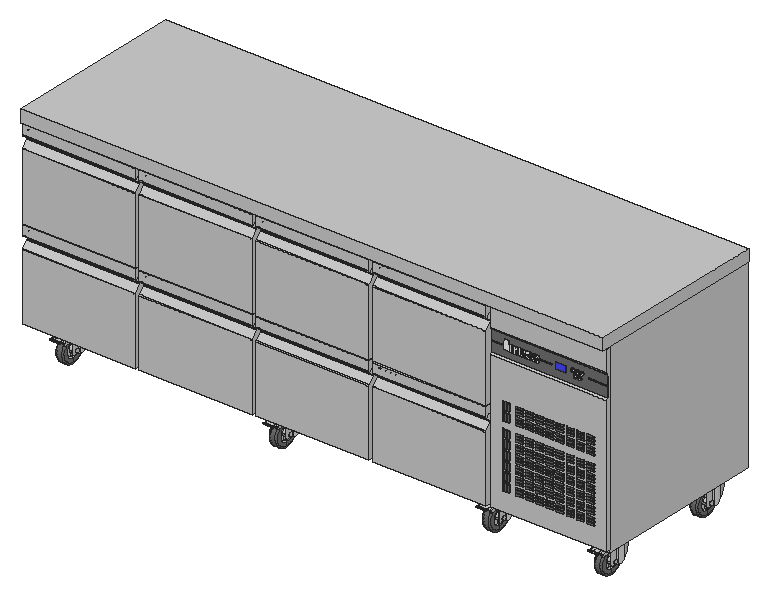
Revit family "QF_INOMAK_PNRP9999_250611031516", category Specialty Equipment, Revit 2021 (continued)
Definition of nested family "QF_INOMAK_REF_COUNTERS_DOORS_DRAWERS_35390"
  Definition of nested family "4_Drawers_1-4"
    Automatic sketch dimensions
      curve 23 to plane 5 "Front" = 0 mm
      curve 24 to plane 5 "Front" = 0 mm
      curve 21 to plane 5 "Front" = 105 mm
      curve 20 to curve 21 = 40 mm
      curve 3 to curve 20 = 100 mm
      curve 3 to curve 3 = 40 mm
      curve 10 to curve 1 = 100 mm
      curve 9 to curve 9 = 40 mm
      curve 15 to curve 8 = 100 mm
      curve 15 to curve 15 = 40 mm
      plane 11 "Right panel" to curve 24 = 30 mm
      curve 8 to curve 17 = 30 mm
      curve 11 to curve 17 = 0 mm
      curve 23 to plane 10 "Left panel" = 30 mm
      curve 12 to curve 6 = 0 mm
      curve 18 to curve 12 = 0 mm
      Extrusion 4 sketch curve to Extrusion 4 sketch curve = 0 mm  (x2)
      plane 19 to Extrusion 4 sketch curve = 0 mm
      Extrusion 4 sketch curve to plane 7 "Front legs" = 0 mm  (x2)
      plane 7 "Front legs" to Extrusion 4 sketch curve = 3 mm
      plane 7 "Front legs" to Extrusion 4 sketch curve = 3.461 mm
      plane 7 "Front legs" to Extrusion 4 sketch curve = 10 mm
      Extrusion 4 sketch curve to Extrusion 4 sketch curve = 7 mm
      plane 7 "Front legs" to Extrusion 4 sketch curve = 20 mm  (x2)
      Extrusion 4 sketch curve to Extrusion 4 sketch curve = 46.156 mm
      Extrusion 4 sketch curve to Extrusion 4 sketch curve = 15 mm
      Extrusion 4 sketch curve to Extrusion 4 sketch curve = 5.012 mm
      Extrusion 7 sketch curve to plane 10 "Left panel" = 0 mm
      Extrusion 7 sketch curve to plane 11 "Right panel" = 0 mm
      Extrusion 7 sketch curve to plane 7 "Front legs" = 0 mm
      Extrusion 7 sketch curve to plane 5 "Front" = 565 mm
      Extrusion 8 sketch curve to plane 10 "Left panel" = 0 mm
      Extrusion 8 sketch curve to plane 11 "Right panel" = 0 mm
      Extrusion 8 sketch curve to plane 7 "Front legs" = 0 mm
      Extrusion 8 sketch curve to plane 5 "Front" = 565 mm
      curve 6 to plane 10 "Left panel" = 30 mm
      curve 5 to curve 24 = 0 mm
  Definition of nested family "Hinged_Doors"
    Parameters (values of type "Hinged doors")
      URL = "www.specifiglobal.com"
      Top inset [instance] = 4 mm
      Right panel thickness [instance] = 35 mm
      Rear inset [instance] = 10 mm
      Plinth height [instance] = 150 mm
      Model = ""
      Manufacturer = "DEMO CONSULTANT"
      Length Actual [instance] = 1200 mm
      Left panel thickness [instance] = 35 mm
      Hinged doors [instance] = Doors drawers type = 3  # yes
      Height Actual [instance] = 900 mm
      Front inset [instance] = 10 mm
      Finish [instance] = none
      Doors drawers type [instance] = 3
      Description = ""
      Depth Actual [instance] = 700 mm
      Default Elevation = 0 mm
      Bottom inset [instance] = 4 mm
      Assembly Code = "E1090320"
    Reference planes
      plane 1 "Back": y = 0
      plane 2: z = 0
      plane 3 "Left": x = 0
      plane 4 "Right": x = 1200
      plane 5 "Front": y = -700
      plane 6 "Top": z = 1050
      plane 7 "Front legs": y = -690
      plane 8 "Legs top": z = 150
      plane 9 "Backsplash thickness": y = -10
      plane 10: x = 35
      plane 11: x = 1165
      plane 12 "Center Left-Right": x = 600
      plane 13: x = 597.5
      plane 14: x = 602.5
      plane 15: z = 154
      plane 16: z = 1046
    Forms (mm)
      Extrusion 1, solid, material <- "Finish", visible <- "Hinged doors"
        sketch origin (35, -2307.849, 4000) x (0, -1, 0) y (0, 0, 1)
          loop
            line (-1627.849, -2954) -> (-1637.849, -2954) -> (-1637.849, -3846) -> (-1617.849, -3846) -> (-1617.849, -3010.156)
            arc (-1617.849, -3010.156) -> (-1618.734, -3004.272) -> (-1621.31, -2998.91) r 20
            line (-1621.31, -2998.91) -> (-1634.849, -2979) -> (-1634.849, -2957) -> (-1627.849, -2957)
            arc (-1627.849, -2957) -> (-1622.899, -2959.05) -> (-1620.849, -2964) r 7
            line (-1620.849, -2964) -> (-1620.849, -2969.012) -> (-1617.849, -2969.012) -> (-1617.849, -2964)
            arc (-1617.849, -2964) -> (-1620.778, -2956.929) -> (-1627.849, -2954) r 10
        from 0 to -562.5
      Extrusion 2, solid, visible <- "Hinged doors", detail levels coarse
        sketch origin (0, -700, 154) x (-1, 0, 0) y (0, 1, 0)
          loop
            line (-35, 10) -> (-597.5, 10)
            arc (-597.5, 10) -> (-432.748, -387.748) -> (-35, -552.5) r 562.5
            line (-35, -552.5) -> (-35, 10)
        from 0 to -892
      Extrusion 3, solid, material <- "Finish", visible <- "Hinged doors"
        sketch origin (1165, -2312.576, 4000) x (0, -1, 0) y (0, 0, 1)
          loop
            line (-1632.576, -2954) -> (-1642.576, -2954) -> (-1642.576, -3846) -> (-1622.576, -3846) -> (-1622.576, -3010.156)
            arc (-1622.576, -3010.156) -> (-1623.46, -3004.272) -> (-1626.037, -2998.91) r 20
            line (-1626.037, -2998.91) -> (-1639.576, -2979) -> (-1639.576, -2957) -> (-1632.576, -2957)
            arc (-1632.576, -2957) -> (-1627.626, -2959.05) -> (-1625.576, -2964) r 7
            line (-1625.576, -2964) -> (-1625.576, -2969.012) -> (-1622.576, -2969.012) -> (-1622.576, -2964)
            arc (-1622.576, -2964) -> (-1625.504, -2956.929) -> (-1632.576, -2954) r 10
        from 0 to 562.5
      Extrusion 4, solid, visible <- "Hinged doors", detail levels coarse
        sketch origin (0, -700, 154) x (-1, 0, 0) y (0, 1, 0)
          loop
            line (-1165, 10) -> (-1165, -552.5)
            arc (-1165, -552.5) -> (-767.252, -387.748) -> (-602.5, 10) r 562.5
            line (-602.5, 10) -> (-1165, 10)
        from 0 to -892
    Lines and regions (mm)
      symbolic lines, visible <- "Hinged doors"
        curve 1: line (35, -700, 150) -> (35, -1252.5, 150)
        curve 2: arc (35, -1252.5, 150) -> (429.196, -1091.268, 150) -> (597.411, -700, 150) r 562.5
        curve 3: arc (602.589, -700, 150) -> (770.804, -1091.268, 150) -> (1165, -1252.5, 150) r 562.5
        curve 4: line (1165, -1252.5, 150) -> (1165, -700, 150)
    Dimensions and locks
      "Length Actual": plane 3 "Left" to plane 4 "Right"
      "Depth Actual": plane 5 "Front" to plane 1 "Back"
      "Height Actual": plane 6 "Top" to plane 8 "Legs top"
      "Front inset": plane 7 "Front legs" to plane 5 "Front"
      "Plinth height": plane 8 "Legs top" to plane 2
      "Rear inset": plane 9 "Backsplash thickness" to plane 1 "Back"
      "Right panel thickness": plane 11 to plane 4 "Right"
      "Left panel thickness": plane 3 "Left" to plane 10
      equal spacing: plane 10, plane 12 "Center Left-Right", plane 11
      plane 13 to plane 12 "Center Left-Right" = 2.5 mm
      plane 12 "Center Left-Right" to plane 14 = 2.5 mm
      "Bottom inset": plane 15 to plane 8 "Legs top"
      "Top inset": plane 16 to plane 6 "Top"
      aligned and locked: level to plane 2
      aligned and locked: Extrusion 1 to plane 13
      aligned and locked: plane 10 to Extrusion 2 sketch curve
      aligned and locked: plane 13 to Extrusion 2 sketch curve
      aligned and locked: plane 7 "Front legs" to Extrusion 2 sketch curve  (x2)
      aligned and locked: plane 14 to Extrusion 3
      aligned and locked: Extrusion 2 to curve 1
      aligned and locked: curve 2 to Extrusion 2
      aligned and locked: curve 3 to Extrusion 4
      aligned and locked: curve 4 to Extrusion 4
      aligned and locked: plane 5 "Front" to curve 1
      aligned and locked: plane 5 "Front" to curve 2
      aligned and locked: plane 5 "Front" to curve 3
      aligned and locked: plane 5 "Front" to curve 4
      aligned and locked: Extrusion 4 to plane 16
      aligned and locked: Extrusion 2 to plane 16
      aligned and locked: Extrusion 1 sketch curve to plane 16
      aligned and locked: Extrusion 1 sketch curve to plane 15
      aligned and locked: Extrusion 3 sketch curve to plane 15
      aligned and locked: Extrusion 3 sketch curve to plane 16
    Automatic sketch dimensions
      Extrusion 1 sketch curve to Extrusion 1 sketch curve = 0 mm  (x2)
      Extrusion 1 sketch curve to plane 7 "Front legs" = 0 mm  (x2)
      plane 7 "Front legs" to Extrusion 1 sketch curve = 3 mm
      plane 7 "Front legs" to Extrusion 1 sketch curve = 3.461 mm
      plane 7 "Front legs" to Extrusion 1 sketch curve = 10 mm
      Extrusion 1 sketch curve to Extrusion 1 sketch curve = 7 mm
      plane 7 "Front legs" to Extrusion 1 sketch curve = 20 mm  (x2)
      Extrusion 1 sketch curve to Extrusion 1 sketch curve = 46.156 mm
      Extrusion 1 sketch curve to Extrusion 1 sketch curve = 15 mm
      Extrusion 1 sketch curve to Extrusion 1 sketch curve = 5.012 mm
      Extrusion 3 sketch curve to Extrusion 3 sketch curve = 0 mm  (x2)
      Extrusion 3 sketch curve to plane 7 "Front legs" = 0 mm  (x2)
      Extrusion 3 sketch curve to Extrusion 3 sketch curve = 3 mm
      plane 7 "Front legs" to Extrusion 3 sketch curve = 3.461 mm
      plane 7 "Front legs" to Extrusion 3 sketch curve = 10 mm
      Extrusion 3 sketch curve to Extrusion 3 sketch curve = 7 mm
      Extrusion 3 sketch curve to Extrusion 3 sketch curve = 16.539 mm
      Extrusion 3 sketch curve to Extrusion 3 sketch curve = 20 mm
      Extrusion 3 sketch curve to Extrusion 3 sketch curve = 46.156 mm
      Extrusion 3 sketch curve to Extrusion 3 sketch curve = 15 mm
      Extrusion 3 sketch curve to Extrusion 3 sketch curve = 5.012 mm
      Extrusion 4 sketch curve to plane 11 = 0 mm
      Extrusion 4 sketch curve to plane 7 "Front legs" = 0 mm
      Extrusion 4 sketch curve to plane 14 = 0 mm
  Definition of nested family "Hopper"
    Parameters (values of type "Hopper")
      URL = "www.specifiglobal.com"
      Top inset [instance] = 4 mm
      Right panel thickness [instance] = 35 mm
      Rear inset [instance] = 10 mm
      Plinth height [instance] = 150 mm
      Model = ""
      Manufacturer = "DEMO CONSULTANT"
      Length Actual [instance] = 700 mm
      Left panel thickness [instance] = 35 mm
      Hopper [instance] = Doors drawers type = 10  # yes
      Height Actual [instance] = 900 mm
      Front inset [instance] = 10 mm
      Finish [instance] = none
      Doors drawers type [instance] = 10
      Description = ""
      Depth Actual [instance] = 700 mm
      Default Elevation = 0 mm
      Bottom inset [instance] = 4 mm
      Assembly Code = "E1090320"
      2 Drawers = yes
    Reference planes
      plane 1 "Back": y = 0
      plane 2: z = 0
      plane 3 "Left": x = 0
      plane 4 "Right": x = 700
      plane 5 "Front": y = -700
      plane 6 "Top": z = 1050
      plane 7 "Front legs": y = -690
      plane 8 "Legs top": z = 150
      plane 9 "Backsplash thickness": y = -10
      plane 10 "Left panel": x = 35
      plane 11 "Right panel": x = 665
      plane 12: z = 1046
      plane 13: z = 154
    Forms (mm)
      Extrusion 1, solid, material <- "Finish", visible <- "Hopper"
        sketch origin (35, 0, 0) x (0, -1, 0) y (0, 0, 1)
          loop
            line (690, 154) -> (690, 960.365)
            arc (690, 960.365) -> (689.866, 961.037) -> (689.485, 961.607) r 1.757
            line (689.485, 961.607) -> (666.663, 984.429)
            arc (666.663, 984.429) -> (665.976, 985.458) -> (665.734, 986.672) r 3.172
            line (665.734, 986.672) -> (665.734, 1013.576)
            arc (665.734, 1013.576) -> (666.433, 1015.262) -> (668.119, 1015.961) r 2.385
            line (668.119, 1015.961) -> (680.029, 1015.961) -> (686.544, 1006.657)
            arc (686.544, 1006.657) -> (688.671, 1005.935) -> (690, 1007.747) r 1.9
            line (690, 1007.747) -> (690, 1046) -> (648, 1046) -> (648, 154) -> (690, 154)
        from 0 to -630
      Extrusion 2, solid, visible <- "Hopper", detail levels coarse
        sketch origin (35, 0, 0) x (0, -1, 0) y (0, 0, 1)
          loop
            line (690, 154) -> (1265, 154) -> (1265, 1046) -> (690, 1046) -> (690, 154)
        from 0 to -630
    Lines and regions (mm)
      symbolic lines, visible <- "Hopper"
        curve 1: line (35, -1225, 900) -> (35, -1265, 900)
        curve 2: line (35, -1265, 900) -> (665, -1265, 900)
        curve 3: line (665, -1265, 900) -> (665, -1225, 900)
        curve 4: line (665, -1225, 900) -> (35, -1225, 900)
        curve 5: line (635, -1225, 900) -> (635, -700, 900)
        curve 6: line (65, -1225, 900) -> (65, -700, 900)
    Dimensions and locks
      "Length Actual": plane 3 "Left" to plane 4 "Right"
      "Depth Actual": plane 5 "Front" to plane 1 "Back"
      "Height Actual": plane 6 "Top" to plane 8 "Legs top"
      "Front inset": plane 7 "Front legs" to plane 5 "Front"
      "Plinth height": plane 8 "Legs top" to plane 2
      "Rear inset": plane 9 "Backsplash thickness" to plane 1 "Back"
      "Right panel thickness": plane 11 "Right panel" to plane 4 "Right"
      "Left panel thickness": plane 3 "Left" to plane 10 "Left panel"
      "Top inset": plane 12 to plane 6 "Top"
      "Bottom inset": plane 13 to plane 8 "Legs top"
      aligned and locked: level to plane 2
      aligned and locked: Extrusion 1 to plane 11 "Right panel"
      aligned and locked: Extrusion 2 to plane 11 "Right panel"
      aligned and locked: plane 10 "Left panel" to Extrusion 2
      aligned and locked: Extrusion 1 sketch curve to plane 12
      aligned and locked: Extrusion 1 sketch curve to Extrusion 2
      aligned and locked: Extrusion 1 sketch curve to plane 13
    Automatic sketch dimensions
      Extrusion 1 sketch curve to Extrusion 1 sketch curve = 17.734 mm
      Extrusion 1 sketch curve to Extrusion 1 sketch curve = 0.929 mm
      Extrusion 1 sketch curve to Extrusion 1 sketch curve = 2.385 mm
      Extrusion 1 sketch curve to Extrusion 1 sketch curve = 3.172 mm
      Extrusion 1 sketch curve to Extrusion 1 sketch curve = 11.91 mm
      Extrusion 1 sketch curve to Extrusion 1 sketch curve = 6.515 mm
      Extrusion 1 sketch curve to Extrusion 1 sketch curve = 1.556 mm
      Extrusion 1 sketch curve to Extrusion 1 sketch curve = 21.58 mm
      Extrusion 1 sketch curve to Extrusion 1 sketch curve = 1.242 mm
      Extrusion 1 sketch curve to Extrusion 1 sketch curve = 1.9 mm
      Extrusion 1 sketch curve to Extrusion 1 sketch curve = 0.515 mm
      Extrusion 1 sketch curve to Extrusion 1 sketch curve = 22.822 mm
      Extrusion 1 sketch curve to Extrusion 1 sketch curve = 19.985 mm
      Extrusion 1 sketch curve to Extrusion 1 sketch curve = 6.919 mm
      Extrusion 1 sketch curve to Extrusion 1 sketch curve = 30.039 mm
      Extrusion 2 sketch curve to plane 7 "Front legs" = 0 mm
      plane 13 to Extrusion 2 sketch curve = 0 mm
      plane 12 to Extrusion 2 sketch curve = 0 mm
      Extrusion 2 sketch curve to plane 5 "Front" = 565 mm
      curve 1 to plane 10 "Left panel" = 0 mm
      curve 2 to plane 11 "Right panel" = 0 mm
      curve 6 to plane 5 "Front" = 0 mm
      curve 5 to plane 5 "Front" = 0 mm
      curve 4 to plane 5 "Front" = 525 mm
      curve 3 to curve 3 = 40 mm
      plane 11 "Right panel" to curve 5 = 30 mm
      curve 6 to plane 10 "Left panel" = 30 mm
Definition of nested family "QF_INOMAK_REF_COUNTERS_WORKTOPS_44861"
  Parameters (values of type "WTWA-1545-700")
    Worktop without backsplash [instance] = Worktop type = 3  # no
    Worktop with backsplash [instance] = Worktop type = 2  # yes
    Worktop type [instance] = 2
    Worktop thickness [instance] = 46 mm
    Without worktop [instance] = or(Worktop type > 3, Worktop type < 2)  # no
    Weight [instance] = 0.00 kg
    Warranty Start Date [instance] = ""
    Warranty Duration [instance] = ""
    URL Cutsheet [instance] = ""
    URL = "www.inomak.com"
    Technical Documentation [instance] = ""
    Tag Number [instance] = ""
    Status [instance] = ""
    Specification by User [instance] = ""
    Specification by Manufacturer [instance] = ""
    Sound Level [instance] = ""
    Solid Fuel Type [instance] = ""
    Show Logo [instance] = yes
    Show Clearances [instance] = yes
    Service Life Duration [instance] = ""
    Serial Number [instance] = ""
    Seismic Rating [instance] = ""
    SMACNA No [instance] = ""
    Revision Code [instance] = ""
    Revision [instance] = ""
    Production Year [instance] = ""
    Point Load [instance] = 0
    Other Equipment Approvals [instance] = ""
    NAFEM Spec ID Number [instance] = ""
    Model Warning [instance] = ""
    Model = "WTWA"
    Masterspec [instance] = ""
    Manufacturer = "INOMAK"
    Length Actual [instance] = 1546 mm
    Item Number [instance] = ""
    Installed By [instance] = ""
    Installation Date [instance] = ""
    Identify Quantity as Lot [instance] = yes
    ID [instance] = ""
    Hygiene Approval [instance] = ""
    Height Actual [instance] = 0 mm
    Height AFF [instance] = 0 mm
    Furnished By [instance] = ""
    Foodservice Equipment Identifier [instance] = yes
    Finish [instance] = none
    ETL Approved [instance] = yes
    Description = "WORKTOP WITH UPSTAND"
    Depth Actual [instance] = 700 mm
    Default Elevation = 0 mm
    CSI MasterFormat [instance] = ""
    CE Approved [instance] = yes
    Barcode [instance] = ""
    Backsplash thickness [instance] = 20 mm
    Backsplash height [instance] = 60 mm
    Author [instance] = ""
    Asset Identifier [instance] = ""
    Assembly Code = "E1090320"
    Accessory [instance] = yes
  Types (40, lengths in mm): name | Worktop without backsplash | Worktop with backsplash | Worktop type | Worktop thickness | Without worktop | Model | Length Actual | Description | Depth Actual
    WTWT-2240-700 | yes | no | 3 | 46 | no | "WTWT" | 2242 | "STANDARD WORKTOP" | 700
    WTWA-2240-700 | no | yes | 2 | 46 | no | "WTWA" | 2242 | "WORKTOP WITH UPSTAND" | 700
    WOWT-2240-700 | no | no | 1 | 46 | yes | "WOWT" | 2242 | "WITHOUT WORKTOP" | 700
    WTWA-1790-700 | no | yes | 2 | 46 | no | "WTWA" | 1792 | "WORKTOP WITH UPSTAND" | 700
    WTWA-1345-700 | no | yes | 2 | 46 | no | "WTWA" | 1342 | "WORKTOP WITH UPSTAND" | 700
    WOWT-1790-700 | no | no | 1 | 46 | yes | "WOWT" | 1792 | "WITHOUT WORKTOP" | 700
    WOWT-1345-700 | no | no | 1 | 46 | yes | "WOWT" | 1342 | "WITHOUT WORKTOP" | 700
    WTWT-1790-700 | yes | no | 3 | 46 | no | "WTWT" | 1792 | "STANDARD WORKTOP" | 700
    WTWT-1345-700 | yes | no | 3 | 46 | no | "WTWT" | 1342 | "STANDARD WORKTOP" | 700
    WTWA-1080-700 | no | yes | 2 | 46 | no | "WTWA" | 1080 | "WORKTOP WITH UPSTAND" | 700
    WTWT-1080-700 | yes | no | 3 | 46 | no | "WTWT" | 1080 | "STANDARD WORKTOP" | 700
    WTWA-1080-700-80 | no | yes | 2 | 80 | no | "WTWA-80" | 1080 | "WORKTOP WITH UPSTAND, 80CM DEEP WORKTOP" | 700
    WTWT-1080-700-80 | yes | no | 3 | 80 | no | "WTWT-80" | 1080 | "WORKTOP WITH 80CM DEEP" | 700
    WOWT-1345-600 | no | no | 1 | 46 | yes | "WOWT" | 1342 | "WITHOUT WORKTOP" | 600
    WOWT-1790-600 | no | no | 1 | 46 | yes | "WOWT" | 1792 | "WITHOUT WORKTOP" | 600
    WOWT-2240-600 | no | no | 1 | 46 | yes | "WOWT" | 2242 | "WITHOUT WORKTOP" | 600
    WTWA-1345-600 | no | yes | 2 | 46 | no | "WTWA" | 1342 | "WORKTOP WITH UPSTAND" | 600
    WTWA-1790-600 | no | yes | 2 | 46 | no | "WTWA" | 1792 | "WORKTOP WITH UPSTAND" | 600
    WTWA-2240-600 | no | yes | 2 | 46 | no | "WTWA" | 2242 | "WORKTOP WITH UPSTAND" | 600
    WTWT-1345-600 | yes | no | 3 | 46 | no | "WTWT" | 1342 | "STANDARD WORKTOP" | 600
    WTWT-1790-600 | yes | no | 3 | 46 | no | "WTWT" | 1792 | "STANDARD WORKTOP" | 600
    WTWT-2240-600 | yes | no | 3 | 46 | no | "WTWT" | 2242 | "STANDARD WORKTOP" | 600
    WOWT-1105-700 | no | no | 1 | 46 | yes | "WOWT" | 1103 | "WITHOUT WORKTOP" | 700
    WTWA-1105-700 | no | yes | 2 | 46 | no | "WTWA" | 1103 | "WORKTOP WITH UPSTAND" | 700
    WTWT-1105-700 | yes | no | 3 | 46 | no | "WTWT" | 1103 | "STANDARD WORKTOP" | 700
    WOWT-1545-700 | no | no | 1 | 46 | yes | "WOWT" | 1546 | "WITHOUT WORKTOP" | 700
    WOWT-1995-700 | no | no | 1 | 46 | yes | "WOWT" | 1996 | "WITHOUT WORKTOP" | 700
    WTWA-1545-700 | no | yes | 2 | 46 | no | "WTWA" | 1546 | "WORKTOP WITH UPSTAND" | 700
    WTWA-1995-700 | no | yes | 2 | 46 | no | "WTWA" | 1996 | "WORKTOP WITH UPSTAND" | 700
    WTWT-1545-700 | yes | no | 3 | 46 | no | "WTWT" | 1546 | "STANDARD WORKTOP" | 700
    WTWT-1995-700 | yes | no | 3 | 46 | no | "WTWT" | 1996 | "STANDARD WORKTOP" | 700
    WTWA-1105-600 | no | yes | 2 | 46 | no | "WTWA" | 1103 | "WORKTOP WITH UPSTAND" | 600
    WTWT-1105-600 | yes | no | 3 | 46 | no | "WTWT" | 1103 | "STANDARD WORKTOP" | 600
    WOWT-1105-600 | no | no | 1 | 46 | yes | "WOWT" | 1103 | "WITHOUT WORKTOP" | 600
    WOWT-1545-600 | no | no | 1 | 46 | yes | "WOWT" | 1546 | "WITHOUT WORKTOP" | 600
    WTWA-1545-600 | no | yes | 2 | 46 | no | "WTWA" | 1546 | "WORKTOP WITH UPSTAND" | 600
    WTWT-1545-600 | yes | no | 3 | 46 | no | "WTWT" | 1546 | "STANDARD WORKTOP" | 600
    WTWT-1995-600 | yes | no | 3 | 46 | no | "WTWT" | 1996 | "STANDARD WORKTOP" | 600
    WTWA-1995-600 | no | yes | 2 | 46 | no | "WTWA" | 1996 | "WORKTOP WITH UPSTAND" | 600
    WOWT-1995-600 | no | no | 1 | 46 | yes | "WOWT" | 1996 | "WITHOUT WORKTOP" | 600
  Reference planes
    plane 1 "Back": y = 0
    plane 2: z = 0
    plane 3 "Left": x = 0
    plane 4 "Right": x = 1546
    plane 5 "Front": y = -700
    plane 6 "Top": z = 46
    plane 7 "Backsplash thickness": y = -20
    plane 8 "Worktop bottom": z = 0
    plane 9 "Upright height": z = 106
    plane 10 "Center Left Right": x = 773
  Lines and regions (mm)
    reference lines
      curve 1: line (773, 0, 106) -> (773, -20, 106)
      curve 2: line (0, -700, 46) -> (1546, -700, 46)
      curve 3: line (1546, -700, 46) -> (1546, 0, 46)
      curve 4: line (0, -700, 46) -> (0, 0, 46)
      curve 5: line (0, 0, 46) -> (1546, 0, 46)
      curve 6: line (773, 0, 0) -> (773, -700, 0)
  Dimensions and locks
    "Length Actual": plane 3 "Left" to plane 4 "Right"
    "Depth Actual": plane 5 "Front" to plane 1 "Back"
    "Backsplash thickness": plane 7 "Backsplash thickness" to plane 1 "Back"
    "Worktop thickness": plane 6 "Top" to plane 8 "Worktop bottom"
    "Backsplash height": plane 9 "Upright height" to plane 6 "Top"
    "Backsplash height": curve 1 to plane 6 "Top"
    "Depth Actual": curve 2 to plane 1 "Back"
    "Length Actual": plane 3 "Left" to curve 3
    "Length Actual": curve 4 to plane 4 "Right"
    "Depth Actual": curve 5 to plane 5 "Front"
    equal spacing: plane 3 "Left", plane 10 "Center Left Right", plane 4 "Right"
    "Height AFF": plane 8 "Worktop bottom" to plane 2
    "Height AFF": curve 6 to plane 2
    aligned and locked: level to plane 2
    aligned and locked: plane 3 "Left" to nested 1
    aligned and locked: plane 1 "Back" to nested 1
  Automatic sketch dimensions
    curve 6 to plane 1 "Back" = 0 mm
    curve 1 to plane 1 "Back" = 0 mm
    curve 1 to plane 7 "Backsplash thickness" = 0 mm
    curve 6 to plane 5 "Front" = 0 mm
  Nested families
    nested 1: "Worktop" at (0, 0, 0), Length Actual <- "Length Actual", Depth Actual <- "Depth Actual", Height AFF <- "Height AFF", Worktop thickness <- "Worktop thickness", Backsplash thickness <- "Backsplash thickness", Backsplash height <- "Backsplash height", type "without backsplash"
      with Worktop thickness 46 mm, Length Actual 1546 mm, Height AFF 0 mm, Depth Actual 700 mm, Backsplash thickness 20 mm, Backsplash height 60 mm, Worktop without backsplash no, Worktop with backsplash yes
  Definition of nested family "Worktop"
    Parameters (values of type "with backsplash")
      Worktop without backsplash = no
      Worktop with backsplash = yes
      Worktop thickness [instance] = 40 mm
      Without worktop = no
      URL = ""
      Model = ""
      Manufacturer = ""
      Length Actual [instance] = 1200 mm
      Height AFF [instance] = 860 mm
      Finish = none
      Description = "TABLE WITH BACKSPLASH"
      Depth Actual [instance] = 700 mm
      Default Elevation = 0 mm
      Backsplash thickness [instance] = 20 mm
      Backsplash height [instance] = 100 mm
      Assembly Code = "E1090320"
    Types (3, lengths in mm): name | Worktop without backsplash | Worktop with backsplash | Without worktop
      with backsplash | no | yes | no
      without backsplash | yes | no | no
      without worktop | no | no | yes
    Reference planes
      plane 1 "Back": y = 0
      plane 2: z = 0
      plane 3 "Left": x = 0
      plane 4 "Right": x = 1200
      plane 5 "Front": y = -700
      plane 6 "Top": z = 900
      plane 7 "Backsplash thickness": y = -20
      plane 8 "Worktop bottom": z = 860
      plane 9 "Upright height": z = 1000
      plane 10 "Center Left Right": x = 600
    Forms (mm)
      Extrusion 1, solid, material <- "Finish", visible <- "Worktop with backsplash"
        sketch origin (0, 0, 0) x (0, 1, 0) y (0, 0, 1)
          loop
            line (0, 1000) -> (-20, 1000) -> (-20, 900) -> (-700, 900) -> (-700, 860) -> (0, 860) -> (0, 1000)
        from 0 to 1200
      Extrusion 2, solid, material <- "Finish", visible <- "Worktop without backsplash"
        sketch origin (0, 0, 0) x (0, 1, 0) y (0, 0, 1)
          loop
            line (0, 860) -> (0, 900) -> (-700, 900) -> (-700, 860) -> (0, 860)
        from 0 to 1200
    Lines and regions (mm)
      Masking region 1, visible <- "Worktop with backsplash"
        outline origin (0, 0, 900) x (0, 1, 0) y (-1, 0, 0)
          loop
            line (0, 0) -> (-700, 0) -> (-700, -1200) -> (0, -1200) -> (0, 0)
      Masking region 2, visible <- "Worktop without backsplash"
        outline origin (0, 0, 900) x (0, 1, 0) y (-1, 0, 0)
          loop
            line (0, 0) -> (-700, 0) -> (-700, -1200) -> (0, -1200) -> (0, 0)
      symbolic lines, visible <- "Worktop with backsplash"
        curve 1: line (0, 0, 0) -> (1200, 0, 0)
        curve 2: line (1200, 0, 0) -> (1200, -700, 0)
        curve 3: line (1200, -700, 0) -> (0, -700, 0)
        curve 4: line (0, -700, 0) -> (0, 0, 0)
        curve 5: line (0, -20, 0) -> (1200, -20, 0)
      symbolic lines, visible <- "Worktop without backsplash"
        curve 6: line (0, 0, 0) -> (1200, 0, 0)
        curve 7: line (1200, 0, 0) -> (1200, -700, 0)
        curve 8: line (1200, -700, 0) -> (0, -700, 0)
        curve 9: line (0, -700, 0) -> (0, 0, 0)
      symbolic lines, visible <- "Without worktop"
        curve 10: line (0, 0, 0) -> (1200, 0, 0)
        curve 11: line (1200, 0, 0) -> (1200, -700, 0)
        curve 12: line (1200, -700, 0) -> (0, -700, 0)
        curve 13: line (0, -700, 0) -> (0, 0, 0)
      reference lines
        curve 14: line (600, 0, 1000) -> (600, -20, 1000)
        curve 15: line (0, -700, 900) -> (1200, -700, 900)
        curve 16: line (1200, -700, 900) -> (1200, 0, 900)
        curve 17: line (0, -700, 900) -> (0, 0, 900)
        curve 18: line (0, 0, 900) -> (1200, 0, 900)
        curve 19: line (600, 0, 860) -> (600, -700, 860)
    Dimensions and locks
      "Length Actual": plane 3 "Left" to plane 4 "Right"
      "Depth Actual": plane 5 "Front" to plane 1 "Back"
      "Backsplash thickness": plane 7 "Backsplash thickness" to plane 1 "Back"
      "Worktop thickness": plane 6 "Top" to plane 8 "Worktop bottom"
      "Backsplash height": plane 9 "Upright height" to plane 6 "Top"
      "Backsplash height": curve 14 to plane 6 "Top"
      "Depth Actual": curve 15 to plane 1 "Back"
      "Length Actual": plane 3 "Left" to curve 16
      "Length Actual": curve 17 to plane 4 "Right"
      "Depth Actual": curve 18 to plane 5 "Front"
      equal spacing: plane 3 "Left", plane 10 "Center Left Right", plane 4 "Right"
      "Height AFF": plane 8 "Worktop bottom" to plane 2
      "Height AFF": curve 19 to plane 2
      aligned and locked: level to plane 2
      aligned and locked: Extrusion 1 to plane 4 "Right"
      aligned and locked: Extrusion 1 sketch curve to plane 7 "Backsplash thickness"
      aligned and locked: curve 5 to plane 7 "Backsplash thickness"
      aligned and locked: Extrusion 1 sketch curve to plane 8 "Worktop bottom"
      aligned and locked: plane 9 "Upright height" to Extrusion 1 sketch curve
      aligned and locked: plane 6 "Top" to Extrusion 1 sketch curve
      aligned and locked: plane 6 "Top" to Extrusion 2 sketch curve
      aligned and locked: Extrusion 2 sketch curve to plane 1 "Back"
      aligned and locked: Extrusion 2 sketch curve to plane 8 "Worktop bottom"
      aligned and locked: Extrusion 2 sketch curve to plane 5 "Front"
      aligned and locked: Extrusion 2 to plane 4 "Right"
      aligned and locked: Masking region 1 sketch curve to Extrusion 1  (x4)
      aligned and locked: Masking region 2 sketch curve to Extrusion 1  (x4)
    Automatic sketch dimensions
      plane 1 "Back" to curve 1 = 0 mm
      curve 13 to plane 3 "Left" = 0 mm
      curve 7 to plane 4 "Right" = 0 mm
      curve 13 to plane 5 "Front" = 0 mm
      Extrusion 1 sketch curve to plane 1 "Back" = 0 mm
      Extrusion 1 sketch curve to plane 5 "Front" = 0 mm
      curve 19 to plane 1 "Back" = 0 mm
      curve 14 to plane 1 "Back" = 0 mm
      curve 14 to plane 7 "Backsplash thickness" = 0 mm
      curve 19 to plane 5 "Front" = 0 mm
      curve 16 to plane 5 "Front" = 0 mm
      curve 17 to plane 5 "Front" = 0 mm
      plane 1 "Back" to curve 17 = 0 mm
      plane 1 "Back" to curve 16 = 0 mm
      curve 15 to plane 4 "Right" = 0 mm
      curve 18 to plane 4 "Right" = 0 mm
      curve 18 to plane 3 "Left" = 0 mm
      curve 15 to plane 3 "Left" = 0 mm
Definition of nested family "QF_INOMAK_REF_COUNTERS_CASTORS_46688"
  Parameters (values of type "CT-2240-600")
    Weight [instance] = 0.00 kg
    Warranty Start Date [instance] = ""
    Warranty Duration [instance] = ""
    URL Cutsheet [instance] = ""
    URL = "www.inomak.com"
    Technical Documentation [instance] = ""
    Tag Number [instance] = ""
    Status [instance] = ""
    Specification by User [instance] = ""
    Specification by Manufacturer [instance] = ""
    Sound Level [instance] = ""
    Solid Fuel Type [instance] = ""
    Show Logo [instance] = yes
    Show Clearances [instance] = yes
    Service Life Duration [instance] = ""
    Serial Number [instance] = ""
    Seismic Rating [instance] = ""
    SMACNA No [instance] = ""
    Right offset = 70 mm
    Revision Code [instance] = ""
    Revision [instance] = ""
    Rear offset = 90 mm
    Production Year [instance] = ""
    Point Load [instance] = 0
    Other Equipment Approvals [instance] = ""
    NAFEM Spec ID Number [instance] = ""
    Model Warning [instance] = ""
    Model = "CT"
    Masterspec [instance] = ""
    Manufacturer = "INOMAK"
    Length Actual [instance] = 0 mm
    Length = 2242 mm
    Left offset = 100 mm
    Item Number [instance] = ""
    Installed By [instance] = ""
    Installation Date [instance] = ""
    Identify Quantity as Lot [instance] = yes
    ID [instance] = ""
    Hygiene Approval [instance] = ""
    Height Actual [instance] = 0 mm
    Height = 130 mm
    Furnished By [instance] = ""
    Front offset = 150 mm
    Foodservice Equipment Identifier [instance] = yes
    ETL Approved [instance] = yes
    Description = "WHEELS"
    Depth Actual [instance] = 0 mm
    Depth = 600 mm
    Default Elevation = 0 mm
    CentralLegs = if(Length > 2000 mm, 2 > 1, 2 < 1)  # yes
    CSI MasterFormat [instance] = ""
    CE Approved [instance] = yes
    Barcode [instance] = ""
    Author [instance] = ""
    Asset Identifier [instance] = ""
    Assembly Code = "E1090320"
    Accessory [instance] = yes
  Types (6, lengths in mm): name | Length | Depth | CentralLegs
    CT-2240-700 | 2242 | 700 | yes
    CT-1790-700 | 1792 | 700 | no
    CT-1345-700 | 1342 | 700 | no
    CT-1345-600 | 1342 | 600 | no
    CT-1790-600 | 1792 | 600 | no
    CT-2240-600 | 2242 | 600 | yes
  Reference planes
    plane 1 "Back": y = 0
    plane 2: z = 0
    plane 3 "Left": x = 0
    plane 4 "Right": x = 2242
    plane 5 "Front": y = -600
    plane 6 "Top": z = 130
    plane 7 "Left offset": x = 100
    plane 8 "Right offset": x = 2172
    plane 9 "Rear offset": y = -90
    plane 10 "Front offset": y = -450
    plane 11 "Central": x = 921
    plane 12: x = 1742
  Dimensions and locks
    "Length": plane 3 "Left" to plane 4 "Right"
    "Depth": plane 5 "Front" to plane 1 "Back"
    "Left offset": plane 3 "Left" to plane 7 "Left offset"
    "Right offset": plane 8 "Right offset" to plane 4 "Right"
    "Rear offset": plane 9 "Rear offset" to plane 1 "Back"
    "Front offset": plane 10 "Front offset" to plane 5 "Front"
    equal spacing: plane 7 "Left offset", plane 11 "Central", plane 12
    locked: plane 12 to plane 8 "Right offset" at 430
    plane 6 "Top" to level = 130 mm
    aligned and locked: level to plane 2
    aligned and locked: nested 1 to plane 7 "Left offset"
    aligned and locked: nested 1 to plane 10 "Front offset"
    aligned and locked: nested 2 to plane 11 "Central"
    aligned and locked: nested 2 to plane 10 "Front offset"
    aligned and locked: nested 3 to plane 12
    aligned and locked: nested 3 to plane 10 "Front offset"
    aligned and locked: nested 4 to plane 8 "Right offset"
    aligned and locked: nested 4 to plane 10 "Front offset"
    aligned and locked: nested 5 to plane 7 "Left offset"
    aligned and locked: nested 5 to plane 9 "Rear offset"
    aligned and locked: nested 6 to plane 12
    aligned and locked: nested 6 to plane 9 "Rear offset"
    aligned and locked: nested 7 to plane 8 "Right offset"
    aligned and locked: nested 7 to plane 9 "Rear offset"
  Nested families
    nested 1: "QF_INOMAK_CASTOR_BRAKES" at (100, -450, 0), type "QF_INOMAK_CASTOR_BRAKES"
    nested 2: "QF_INOMAK_CASTOR_BRAKES" at (921, -450, 0), visible <- "CentralLegs", type "QF_INOMAK_CASTOR_BRAKES"
    nested 3: "QF_INOMAK_CASTOR_BRAKES" at (1742, -450, 0), type "QF_INOMAK_CASTOR_BRAKES"
    nested 4: "QF_INOMAK_CASTOR_BRAKES" at (2172, -450, 0), type "QF_INOMAK_CASTOR_BRAKES"
    nested 5: "QF_INOMAK_CASTOR" at (100, -90, 0), type "QF_INOMAK_CASTOR"
    nested 6: "QF_INOMAK_CASTOR" at (1742, -90, 0), type "QF_INOMAK_CASTOR"
    nested 7: "QF_INOMAK_CASTOR" at (2172, -90, 0), type "QF_INOMAK_CASTOR"
  Definition of nested family "QF_INOMAK_CASTOR_BRAKES"
    Parameters (values of type "QF_INOMAK_CASTOR_BRAKES")
      Default Elevation = 0 mm
    Reference planes
      plane 1 "Center (Front/Back)": y = 0
      plane 2: z = 0
      plane 3 "Center (Left/Right)": x = 0
    Forms (mm)
      Extrusion 1, solid
        sketch origin (-55, 171.5, 124.5) x (1, 0, 0) y (0, 1, 0)
          loop
            line (12.5, -214) -> (97.5, -214)
            arc (97.5, -214) -> (104.571, -211.071) -> (107.5, -204) r 10
            line (107.5, -204) -> (107.5, -139)
            arc (107.5, -139) -> (104.571, -131.929) -> (97.5, -129) r 10
            line (97.5, -129) -> (12.5, -129)
            arc (12.5, -129) -> (5.429, -131.929) -> (2.5, -139) r 10
            line (2.5, -139) -> (2.5, -204)
            arc (2.5, -204) -> (5.429, -211.071) -> (12.5, -214) r 10
        from 0 to 5.5
      Extrusion 2, solid
        sketch origin (-55, 146, 24.5) x (1, 0, 0) y (0, 1, 0)
          loop
            circle (55, -146) r 36
          loop
            circle (55, -146) r 34
        from 12 to 100
      Extrusion 3, void
        sketch origin (-37.5, 146, -28.526) x (0, 1, 0) y (0, 0, 1)
          loop
            line (-105, 63.026) -> (-105, 139.692) -> (-158.75, 68.026)
            arc (-158.75, 68.026) -> (-160.956, 66.036) -> (-163.75, 65.026) r 7.727
            line (-163.75, 65.026) -> (-175, 65.026) -> (-175, 136.026) -> (-182, 136.026) -> (-182, 63.026) -> (-105, 63.026)
        from 0 to 75
      Revolve 4, solid
        sketch origin (0, -37.5, -3.552) x (1, 0, 0) y (0, 0, 1)
          loop
            arc (10, 3.552) -> (13.536, 5.016) -> (15, 8.552) r 5
            line (15, 8.552) -> (15, 22.052) -> (-15, 22.052) -> (-15, 8.552)
            arc (-15, 8.552) -> (-13.536, 5.016) -> (-10, 3.552) r 5
            line (-10, 3.552) -> (10, 3.552)
          axis (-15, 53.552) -> (15, 53.552)
        angle from 0 to 360
      Extrusion 5, solid
        sketch origin (-21.466, 171.5, -31.526) x (0, 1, 0) y (0, 0, 1)
          loop
            line (-200.5, 68.026) -> (-200.5, 139.026) -> (-222.5, 139.026) -> (-267.507, 126.05)
            arc (-267.507, 126.05) -> (-264.51, 121.7) -> (-259.5, 120.026) r 8.333
            line (-259.5, 120.026) -> (-224.5, 120.026) -> (-224.5, 76.026)
            arc (-224.5, 76.026) -> (-222.157, 70.369) -> (-216.5, 68.026) r 8
            line (-216.5, 68.026) -> (-200.5, 68.026)
        from -3.534 to -1.534
      Extrusion 6, solid
        sketch origin (-34, 171.5, -14) x (0, 1, 0) y (0, 0, 1)
          loop
            circle (-209, 64) r 12.5
        from 11 to 57
      Revolve 7, solid
        sketch origin (-55, -37.5, -3.552) x (1, 0, 0) y (0, 0, 1)
          loop
            arc (65, 22.052) -> (61.464, 23.516) -> (60, 27.052) r 5
            line (60, 27.052) -> (60, 53.526) -> (50, 53.526) -> (50, 27.052)
            arc (50, 27.052) -> (48.536, 23.516) -> (45, 22.052) r 5
            line (45, 22.052) -> (65, 22.052)
          axis (45, 53.526) -> (65, 53.526)
        angle from 0 to 360
      Extrusion 8, solid
        sketch origin (21.466, 171.5, -31.526) x (0, 1, 0) y (0, 0, -1)
          loop
            line (-200.5, -68.026) -> (-216.5, -68.026)
            arc (-216.5, -68.026) -> (-222.157, -70.369) -> (-224.5, -76.026) r 8
            line (-224.5, -76.026) -> (-224.5, -120.026) -> (-259.5, -120.026)
            arc (-259.5, -120.026) -> (-264.51, -121.7) -> (-267.507, -126.05) r 8.333
            line (-267.507, -126.05) -> (-222.5, -139.026) -> (-200.5, -139.026) -> (-200.5, -68.026)
        from -3.534 to -1.534
      Extrusion 9, solid
        sketch origin (250, -359.196, -27.974) x (1, 0, 0) y (0, 1, 0)
          loop
            line (-275, 330.196) -> (-273, 330.196)
            arc (-273, 330.196) -> (-273.274, 332.754) -> (-274.083, 335.196) r 12.082
            line (-274.083, 335.196) -> (-276.833, 335.196)
            arc (-276.833, 335.196) -> (-275.473, 332.858) -> (-275, 330.196) r 7.737
        from 64.474 to 135.474
      Extrusion 10, solid
        sketch origin (-250, -359.196, -27.974) x (-1, 0, 0) y (0, -1, 0)
          loop
            arc (-275, -330.196) -> (-275.473, -332.858) -> (-276.833, -335.196) r 7.737
            line (-276.833, -335.196) -> (-274.083, -335.196)
            arc (-274.083, -335.196) -> (-273.274, -332.754) -> (-273, -330.196) r 12.082
            line (-273, -330.196) -> (-275, -330.196)
        from 64.474 to 135.474
      Sweep 11, solid
        path origin (0, -359.196, -27.974) x (0, 1, 0) y (0, 0, 1)
          loop
            line (338.196, 135.474) -> (308.196, 135.474) -> (263.189, 122.499)
        profile origin (0, -36, 107.5) x (0, 0, -1) y (1, 0, 0)
          loop
            arc (-4, -21) -> (-2.828, -23.828) -> (0, -25) r 4
            line (0, -25) -> (0, -23)
            arc (0, -23) -> (-1.414, -22.414) -> (-2, -21) r 2
            line (-2, -21) -> (-2, 21)
            arc (-2, 21) -> (-1.414, 22.414) -> (0, 23) r 2
            line (0, 23) -> (0, 25)
            arc (0, 25) -> (-2.828, 23.828) -> (-4, 21) r 4
            line (-4, 21) -> (-4, -21)
      Extrusion 12, solid
        sketch origin (-15, -620.032, 471.611) x (1, 0, 0) y (0, 0.809942, -0.58651)
          loop
            line (0, 640.696) -> (0, 622.696) -> (6, 617.696) -> (24, 617.696) -> (30, 622.696) -> (30, 640.696) -> (0, 640.696)
        from 0 to 2
      Extrusion 13, solid
        sketch origin (-10, -688.801, 95.837) x (0, 1, 0) y (0, 0, 1)
          loop
            line (587.696, 0) -> (592.196, -3.259)
            arc (592.196, -3.259) -> (593.446, -3.664) -> (594.696, -3.259) r 2.131
            line (594.696, -3.259) -> (604.172, 4.031) -> (598.943, 2.532) -> (594.631, -0.785)
            arc (594.631, -0.785) -> (593.44, -1.2) -> (592.238, -0.82) r 2
            line (592.238, -0.82) -> (588.869, 1.62) -> (587.696, 0)
        from 0 to 20
      Extrusion 14, solid
        sketch origin (-31, -958.08, 50) x (0, 1, 0) y (0, 0, 1)
          loop
            line (924.33, -6.495) -> (928.08, 0) -> (924.33, 6.495) -> (916.83, 6.495) -> (913.08, 0) -> (916.83, -6.495) -> (924.33, -6.495)
        from 0 to 62
    Cuts and joins
      Extrusion 3 cuts Extrusion 2
      Extrusion 3 cuts Extrusion 9
      Extrusion 3 cuts Extrusion 10
    Dimensions and locks
      aligned and locked: level to plane 2
  Definition of nested family "QF_INOMAK_CASTOR"
    Parameters (values of type "QF_INOMAK_CASTOR")
      Default Elevation = 0 mm
    Reference planes
      plane 1 "Center (Front/Back)": y = 0
      plane 2: z = 0
      plane 3 "Center (Left/Right)": x = 0
    Forms (mm)
      Extrusion 1, solid
        sketch origin (-55, 171.5, 124.5) x (1, 0, 0) y (0, 1, 0)
          loop
            line (12.5, -214) -> (97.5, -214)
            arc (97.5, -214) -> (104.571, -211.071) -> (107.5, -204) r 10
            line (107.5, -204) -> (107.5, -139)
            arc (107.5, -139) -> (104.571, -131.929) -> (97.5, -129) r 10
            line (97.5, -129) -> (12.5, -129)
            arc (12.5, -129) -> (5.429, -131.929) -> (2.5, -139) r 10
            line (2.5, -139) -> (2.5, -204)
            arc (2.5, -204) -> (5.429, -211.071) -> (12.5, -214) r 10
        from 0 to 5.5
      Extrusion 2, solid
        sketch origin (-55, 146, 24.5) x (1, 0, 0) y (0, 1, 0)
          loop
            circle (55, -146) r 36
          loop
            circle (55, -146) r 34
        from 12 to 100
      Extrusion 3, void
        sketch origin (-37.5, 146, -28.526) x (0, 1, 0) y (0, 0, 1)
          loop
            line (-105, 63.026) -> (-105, 139.692) -> (-158.75, 68.026)
            arc (-158.75, 68.026) -> (-160.956, 66.036) -> (-163.75, 65.026) r 7.727
            line (-163.75, 65.026) -> (-175, 65.026) -> (-175, 136.026) -> (-182, 136.026) -> (-182, 63.026) -> (-105, 63.026)
        from 0 to 75
      Revolve 4, solid
        sketch origin (0, -37.5, -3.552) x (1, 0, 0) y (0, 0, 1)
          loop
            arc (10, 3.552) -> (13.536, 5.016) -> (15, 8.552) r 5
            line (15, 8.552) -> (15, 22.052) -> (-15, 22.052) -> (-15, 8.552)
            arc (-15, 8.552) -> (-13.536, 5.016) -> (-10, 3.552) r 5
            line (-10, 3.552) -> (10, 3.552)
          axis (-15, 53.552) -> (15, 53.552)
        angle from 0 to 360
      Extrusion 5, solid
        sketch origin (-21.466, 171.5, -31.526) x (0, 1, 0) y (0, 0, 1)
          loop
            line (-200.5, 68.026) -> (-200.5, 139.026) -> (-224.5, 139.026) -> (-224.5, 76.026)
            arc (-224.5, 76.026) -> (-222.157, 70.369) -> (-216.5, 68.026) r 8
            line (-216.5, 68.026) -> (-200.5, 68.026)
        from -3.534 to -1.534
      Extrusion 6, solid
        sketch origin (-34, 171.5, -14) x (0, 1, 0) y (0, 0, 1)
          loop
            circle (-209, 64) r 12.5
        from 11 to 57
      Revolve 7, solid
        sketch origin (-55, -37.5, -3.552) x (1, 0, 0) y (0, 0, 1)
          loop
            arc (65, 22.052) -> (61.464, 23.516) -> (60, 27.052) r 5
            line (60, 27.052) -> (60, 53.526) -> (50, 53.526) -> (50, 27.052)
            arc (50, 27.052) -> (48.536, 23.516) -> (45, 22.052) r 5
            line (45, 22.052) -> (65, 22.052)
          axis (45, 53.526) -> (65, 53.526)
        angle from 0 to 360
      Extrusion 8, solid
        sketch origin (21.466, 171.5, -31.526) x (0, 1, 0) y (0, 0, -1)
          loop
            line (-200.5, -68.026) -> (-216.5, -68.026)
            arc (-216.5, -68.026) -> (-222.157, -70.369) -> (-224.5, -76.026) r 8
            line (-224.5, -76.026) -> (-224.5, -139.026) -> (-200.5, -139.026) -> (-200.5, -68.026)
        from -3.534 to -1.534
      Extrusion 9, solid
        sketch origin (250, -359.196, -27.974) x (1, 0, 0) y (0, 1, 0)
          loop
            line (-275, 330.196) -> (-273, 330.196)
            arc (-273, 330.196) -> (-273.274, 332.754) -> (-274.083, 335.196) r 12.082
            line (-274.083, 335.196) -> (-276.833, 335.196)
            arc (-276.833, 335.196) -> (-275.473, 332.858) -> (-275, 330.196) r 7.737
        from 64.474 to 135.474
      Extrusion 10, solid
        sketch origin (-250, -359.196, -27.974) x (-1, 0, 0) y (0, -1, 0)
          loop
            arc (-275, -330.196) -> (-275.473, -332.858) -> (-276.833, -335.196) r 7.737
            line (-276.833, -335.196) -> (-274.083, -335.196)
            arc (-274.083, -335.196) -> (-273.274, -332.754) -> (-273, -330.196) r 12.082
            line (-273, -330.196) -> (-275, -330.196)
        from 64.474 to 135.474
      Sweep 11, solid
        path origin (0, -359.196, -27.974) x (0, 1, 0) y (0, 0, 1)
          loop
            line (338.196, 135.474) -> (306.196, 135.474)
        profile origin (0, -37, 107.5) x (0, 0, -1) y (1, 0, 0)
          loop
            arc (-4, -21) -> (-2.828, -23.828) -> (0, -25) r 4
            line (0, -25) -> (0, -23)
            arc (0, -23) -> (-1.414, -22.414) -> (-2, -21) r 2
            line (-2, -21) -> (-2, 21)
            arc (-2, 21) -> (-1.414, 22.414) -> (0, 23) r 2
            line (0, 23) -> (0, 25)
            arc (0, 25) -> (-2.828, 23.828) -> (-4, 21) r 4
            line (-4, 21) -> (-4, -21)
      Extrusion 12, solid
        sketch origin (-31, -958.08, 50) x (0, 1, 0) y (0, 0, 1)
          loop
            line (924.33, -6.495) -> (928.08, 0) -> (924.33, 6.495) -> (916.83, 6.495) -> (913.08, 0) -> (916.83, -6.495) -> (924.33, -6.495)
        from 0 to 62
    Cuts and joins
      Extrusion 3 cuts Extrusion 2
      Extrusion 3 cuts Extrusion 9
      Extrusion 3 cuts Extrusion 10
    Dimensions and locks
      aligned and locked: level to plane 2
Definition of nested family "CONN_POINT_ELE_2D___Generic_Annotation"
  Parameters (values of type "CONN_POINT_ELE_2D___Generic_Annotation")
    Onboard connection annotation symbol visibility [instance] = yes
  Reference planes
    plane 1: y = 0
    plane 2: x = 0
  Lines and regions (mm)
    detail lines, visible <- "Onboard connection annotation symbol visibility"
      curve 1: circle (0, 0, 0) r 0.5 normal (0, 0, 1)
      curve 2: line (-1, 0, 0) -> (1, 0, 0)
      curve 3: line (0, 1, 0) -> (0, -1, 0)
      curve 4: line (2.5, 1, 0) -> (1.25, 1, 0)
      curve 5: line (1.25, 1, 0) -> (1.25, -1, 0)
      curve 6: line (1.25, -1, 0) -> (2.5, -1, 0)
      curve 7: line (1.25, 0, 0) -> (2, 0, 0)
